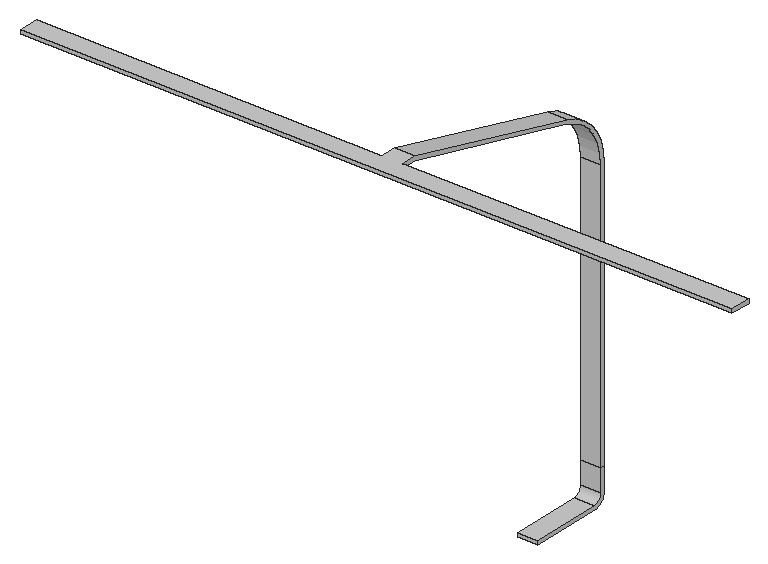
Revit family "Haworth_LIM_Light_Y", category Lighting Fixtures, Revit 2018
Family settings
  Round Connector Dimension = Use Diameter
  Part Type = Normal
  OmniClass Number = 23.80.70.11.14
  OmniClass Title = General Luminaries, Directional
  Work Plane-Based = No
  Always vertical = Yes
  Cut with Voids When Loaded = No
  Light Source = No
  Shared = No
  Room Calculation Point = No
Parameters (values of type "LLY1-0013 - Worksurface Mount")
  Wattage Comments = "3 or 7.3 Watts; 120 Volt 60 Hertz"  # constant formula
  Warranty = "http://www.haworth.com/resources/product-info/warranties"
  URL - Product = "https://www.haworth.com/na/en/products/lighting/lim.html"
  URL = "http://www.haworth.com/our-brands/haworth-collection"
  Type Comments = " "
  Table Thickness = 1 1/2"  # constant formula
  Size = "Verify Final Dim. w/ Haworth"  # constant formula
  Revision Number = "4"  # constant formula
  Post to Centerline = 3"  # constant formula
  Model = "LLY1-0013"
  Manufacturer = "Haworth"  # constant formula
  Light Source Height = 13 13/16"  # constant formula
  Lamp Finish = Haworth _ Metal _ Brushed Aluminum
  Lamp = ""
  Description = "Haworth LIM Light Y - Worksurface Mount"
  Mounting Height [instance] = 29"
  Author = "SHAPE Environments, LLC"  # constant formula
  Assembly Code = "D5020200"
  Arm Length = 12 3/8"  # constant formula
  Actual Width = 26 1/2"  # constant formula
  Actual Height = 18 3/4"  # constant formula
Reference planes (in)
  plane 1 "Center F/B": y = 8.82887
  plane 2 "Base": z = 30.5
  plane 3 "Center L/R": x = 1.15861
  plane 4 "Lamp Height": z = 49.25
  plane 5 "Light Source": z = 49.0625
  plane 6 "Table Bottom": z = 29
  plane 7 "Y": y = -3.54613
Forms (in)
  Sweep 1, solid, material "Haworth _ Metal _ Brushed Aluminum" <- "Lamp Finish"
    path origin (1.15861, 10.67026, 0) x (0, 1, 0) y (0, 0, 1)
      loop
        line (-14.21639, 49.25) -> (-13.46639, 49.25) -> (-4.06494, 46.73089)
        arc (-4.06494, 46.73089) -> (-2.46133, 45.65939) -> (-1.84139, 43.83311) r 3
        line (-1.84139, 43.83311) -> (-1.84139, 30.5)
    profile "LIM_Profile : LIM_Profile" origin (1.15861, -3.17113, 49.25) x (0, 0, 1) y (1, 0, 0)
      loop
        line (0, -0.5) -> (0, 0.5) -> (-0.1875, 0.5) -> (-0.1875, -0.5) -> (0, -0.5)
  Sweep 2, solid, material "Haworth _ Metal _ Brushed Aluminum" <- "Lamp Finish"
    path origin (1.15861, 10.67026, 4) x (0, 1, 0) y (0, 0, 1)
      loop
        line (-5.90389, 24.8125) -> (-2.40389, 24.8125)
        arc (-2.40389, 24.8125) -> (-2.00614, 24.97725) -> (-1.84139, 25.375) r 0.5625
        line (-1.84139, 25.375) -> (-1.84139, 26.5)
    profile "LIM_Profile : LIM_Profile" origin (1.15861, 6.51637, 28.8125) x (0, 0, 1) y (1, 0, 0)
      loop
        line (0, -0.5) -> (0.1875, -0.5) -> (0.1875, 0.5) -> (0, 0.5) -> (0, -0.5)
  Sweep 3, solid, material "Haworth _ Metal _ Brushed Aluminum" <- "Lamp Finish"
    path origin (0, -3.54613, 0) x (-1, 0, 0) y (0, 0, 1)
      loop
        line (16.34139, 49.25) -> (-18.65861, 49.25)
    profile origin (1.15861, -3.54613, 49.25) x (0, 0, -1) y (0, 1, 0)
      loop
        line (0, 0) -> (0, -1) -> (0.1875, -1) -> (0.1875, 0) -> (0, 0)
Cuts and joins
  joined: Sweep 1, Sweep 3
Lines and regions (in)
  Masking region 1
    outline origin (0, 0, 0) x (1, 0, 0) y (0, 1, 0)
      loop
        line (1.65861, 8.82887) -> (0.65861, 8.82887) -> (0.65861, -3.54613) -> (-16.34139, -3.54613) -> (-16.34139, -4.54613) -> (18.65861, -4.54613) -> (18.65861, -3.54613) -> (1.65861, -3.54613) -> (1.65861, 8.82887)
Dimensions and locks (in)
  "Actual Height": plane 4 "Lamp Height" to plane 2 "Base"
  "Table Thickness": plane 2 "Base" to plane 6 "Table Bottom"
  "Mounting Height": plane 6 "Table Bottom" to level
  locked: plane 4 "Lamp Height" to plane 5 "Light Source" at 0.1875
  "Arm Length": plane 7 "Y" to plane 1 "Center F/B"
  Sweep 3 sketch curve to plane 3 "Center L/R" to Sweep 3 sketch curve = 17 1/2", 17 1/2"
  radius of Sweep 2 sketch curve = 9/16"
  angle plane 4 "Lamp Height" to Sweep 1 sketch curve = 165.00°
  aligned and locked: plane 4 "Lamp Height" to Sweep 1 sketch curve
  aligned and locked: plane 4 "Lamp Height" to Sweep 3 sketch curve
  aligned and locked: plane 2 "Base" to Sweep 2 sketch curve
Automatic sketch dimensions
  Sweep 1 sketch curve to plane 7 "Y" = 0"
  Sweep 1 sketch curve to plane 1 "Center F/B" = 0"
  Sweep 1 sketch curve to plane 2 "Base" = 0"
  Sweep 1 sketch curve to Sweep 1 sketch curve = 3/4"
  plane 1 "Center F/B" to Sweep 1 sketch curve = 3"
  plane 1 "Center F/B" to Sweep 1 sketch curve = 2.22354"
  Sweep 3 sketch curve to profile plane = 0"
  Sweep 3 sketch curve to plane 7 "Y" = 0"
  Sweep 3 sketch curve to Sweep 3 sketch curve = 3/16"
  Sweep 3 sketch curve to plane 7 "Y" = 1"
  Sweep 2 sketch curve to plane 1 "Center F/B" = 0"
  plane 6 "Table Bottom" to Sweep 2 sketch curve = 3/16"
  Sweep 2 sketch curve to Sweep 2 sketch curve = 3 1/2"
  plane 1 "Center F/B" to Masking region 1 sketch curve = 0"
  plane 3 "Center L/R" to Masking region 1 sketch curve = 1/2"
  Masking region 1 sketch curve to plane 7 "Y" = 0"  (x2)
  Masking region 1 sketch curve to plane 3 "Center L/R" = 17 1/2"
  Masking region 1 sketch curve to plane 7 "Y" = 1"
  plane 3 "Center L/R" to Masking region 1 sketch curve = 17 1/2"
  Masking region 1 sketch curve to plane 3 "Center L/R" = 1/2"
